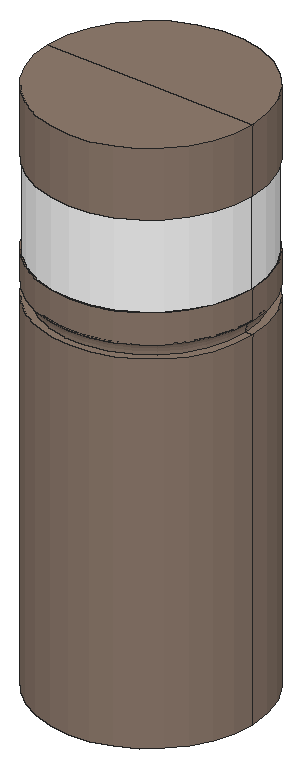
Revit family "BL7051", category Generic Models, Revit 2014
Parameters
  TOP CAP = Bronze, Architectural
  LENS = Acrylic
  BODY = Bronze, Architectural
Reference planes (in)
  plane 1 "Center (Front/Back)": y = 0
  plane 2: z = 0
  plane 3 "Center (Left/Right)": x = 0
  plane 4: z = 42
Forms (in)
  Revolve 1, solid, material "Bronze, Architectural" <- "BODY"
    sketch origin (0, 0, 0) x (1, 0, 0) y (0, 0, 1)
      loop
        line (0, 0) -> (0, 27.24868) -> (-8, 27.24868) -> (-8, 0) -> (0, 0)
      axis (0, 27.24868) -> (0, 0)
    angle from 0 to 360
  Revolve 2, solid, material "Bronze, Architectural" <- "TOP CAP"
    sketch origin (0, 0, 1.02734) x (1, 0, 0) y (0, 0, 1)
      loop
        line (0, 35.97168) -> (0, 40.97168) -> (-8, 40.97168) -> (-8, 35.97168) -> (0, 35.97168)
      axis (0, 40.97168) -> (0, 35.97168)
    angle from 0 to 360
  Revolve 3, solid, material "Bronze, Architectural" <- "BODY"
    sketch origin (0, 0, 1.02734) x (1, 0, 0) y (0, 0, 1)
      loop
        line (-7.78, 29.97168) -> (-7.78, 29.47168) -> (-8, 29.47168) -> (-8, 27.22168) -> (-7.91, 27.22168)
        arc (-7.91, 27.22168) -> (-7.53869, 26.78234) -> (-7.41, 26.22168) r 1.21982
        line (-7.41, 26.22168) -> (0, 26.22168) -> (0, 29.97168) -> (-7.78, 29.97168)
      axis (0, 26.22168) -> (0, 29.97168)
    angle from 0 to 360
  Revolve 4, solid, material "Acrylic" <- "LENS"
    sketch origin (0, 0, 1.02734) x (1, 0, 0) y (0, 0, 1)
      loop
        line (-7.91, 36.97168) -> (-7.91, 29.47168) -> (0, 29.47168) -> (0, 36.97168) -> (-7.91, 36.97168)
      axis (0, 36.97168) -> (0, 29.47168)
    angle from 0 to 360
Dimensions and locks (in)
  aligned and locked: plane 2 to level
